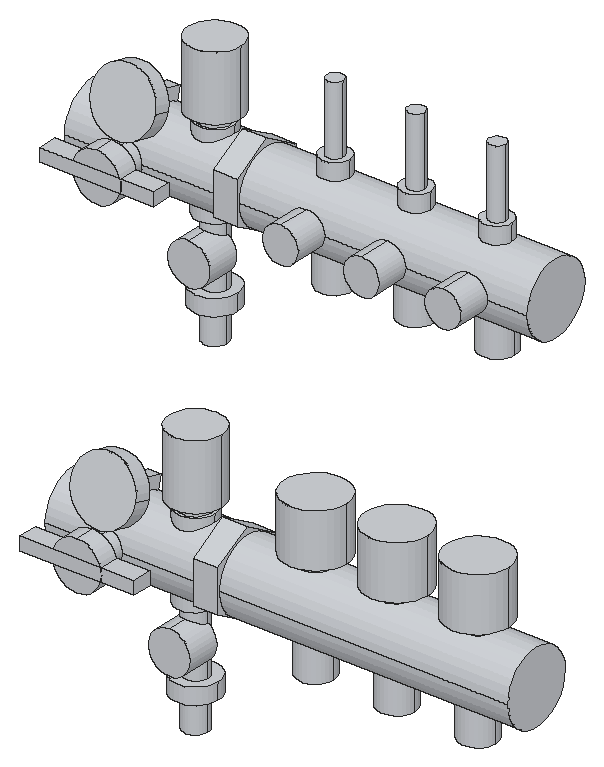
Revit family "318_f16c880827e94962872f661bd91b37", category Pipe Accessories, Revit 2017
Family settings
  Round Connector Dimension = Use Diameter
  Part Type = Valve - Normal
  Work Plane-Based = No
  Always vertical = Yes
  Cut with Voids When Loaded = No
  Shared = No
Parameters (values of type "R553FK103")
  magi_piping_qv_2_3 [instance] = 0.0 L/s
  magi_piping_qv_2_2 [instance] = 0.0 L/s
  magi_piping_qv_2_1 [instance] = 0.0 L/s
  magi_piping_qv_1_3 [instance] = 0.0 L/s
  magi_piping_qv_1_2 [instance] = 0.0 L/s
  magi_piping_qv_1_1 [instance] = 0.0 L/s
  magi_piping_qv [instance] = 0.0 L/s
  magi_piping_power_3 [instance] = 0 W
  magi_piping_power_2 [instance] = 0 W
  magi_piping_power_1 [instance] = 0 W
  magi_piping_kv_3 [instance] = 0
  magi_piping_kv_2 [instance] = 0
  magi_piping_kv_1 [instance] = 0
  magi_piping_dpTot_3 [instance] = 0.0 Pa
  magi_piping_dpTot_2 [instance] = 0.0 Pa
  magi_piping_dpTot_1 [instance] = 0.0 Pa
  magi_adjustmentValue_3 [instance] = ""
  magi_adjustmentValue_2 [instance] = ""
  magi_adjustmentValue_1 [instance] = ""
  magiProductId = "f16c880827e94962872f661bd91b37"
  magiProductFamilyId = "f16c880827e94962872f661bd91b37"
  magiProductCode = "R553FK103"
  magiPartTypeId = 318
  Y = 15 mm
  VersionID = "2.0/2016.10.37.0/GIACOMINI_R553FK_001"
  URL = "http://www.giacomini.com/en"
  SMP = 25 mm
  SBP9 = 18 mm
  SBP8 = 18 mm
  SBP7 = 18 mm
  SBP6 = 18 mm
  SBP5 = 18 mm
  SBP4 = 18 mm
  SBP3 = 18 mm
  SBP2 = 18 mm
  SBP12 = 18 mm
  SBP11 = 18 mm
  SBP10 = 18 mm
  SBP1 = 18 mm
  RMP = 25 mm
  RBP9 = 18 mm
  RBP8 = 18 mm
  RBP7 = 18 mm
  RBP6 = 18 mm
  RBP5 = 18 mm
  RBP4 = 18 mm
  RBP3 = 18 mm
  RBP2 = 18 mm
  RBP12 = 18 mm
  RBP11 = 18 mm
  RBP10 = 18 mm
  RBP1 = 18 mm
  R2 = 22 mm
  QmdConnectorList = "321;SMP;322;SBP1;323;SBP2;324;SBP3;351;RMP;352;RBP1;353;RBP2;354;RBP3"
  Productdata [instance] = "© Progman Oy, all rights reserved"
  N9 = no
  N8 = no
  N7 = no
  N6 = no
  N5 = no
  N4 = no
  N3 = yes
  N12 = no
  N11 = no
  N10 = no
  Manufacturer = "Giacomini"
  MC_Default_elevation = 0 mm
  L = 285 mm
  I = 50 mm
  H5 = 33 mm
  H4 = 5 mm
  H3__ve = -H3  # -40 mm
  H3 = 40 mm
  H2__ve = -H2  # -20 mm
  H2 = 20 mm
  H12 = 42 mm
  H11 = 10 mm
  Flow supply main [instance] = Flow supply 1 + Flow supply 2 + Flow supply 3  # 0.0 L/s
  Flow supply 3 [instance] = 0.0 L/s
  Flow supply 2 [instance] = 0.0 L/s
  Flow supply 1 [instance] = 0.0 L/s
  Flow return main [instance] = Flow return 1 + Flow return 2 + Flow return 3  # 0.0 L/s
  Flow return 3 [instance] = 0.0 L/s
  Flow return 2 [instance] = 0.0 L/s
  Flow return 1 [instance] = 0.0 L/s
  E = 208 mm
  Description = "PREASSEMBLED MANIFOLD KIT WITH FLOW METERS"
  D5 = 38 mm
  D4 = 22 mm
  D32 = 10 mm
  D31 = 18 mm
  D2 = 44 mm
  CAT0 = yes
  A = 149 mm
Reference planes
  plane 1 "Center (Front/Back)": y = 0
  plane 2 "XYPLANE": z = 0
  plane 3 "Center (Left/Right)": x = 0
  plane 4 "INIT_TEMP": y = 100
  plane 5 "414": y = -48
  plane 6 "413": z = -178
  plane 7 "412": y = -30
  plane 8 "411": z = -178
  plane 9 "410": z = -274
  plane 10 "409": z = -254
  plane 11 "408": z = -234
  plane 12 "407": z = -177
  plane 13 "406": z = -182
  plane 14 "405": y = -15
  plane 15 "404": z = 30
  plane 16 "403": y = -33
  plane 17 "402": x = 38
  plane 18 "401": z = 30
  plane 19 "400": z = -66
  plane 20 "399": z = -46
  plane 21 "398": z = -26
  plane 22 "397": z = 31
  plane 23 "396": x = 92
  plane 24 "395": z = 26
  plane 25 "394": x = 75
  plane 26 "393": z = -248
  plane 27 "392": z = -181
  plane 28 "391": z = -186
  plane 29 "390": z = -40
  plane 30 "389": x = 0
  plane 31 "388": y = 0
  plane 32 "387": y = -15
  plane 33 "386": z = -208
  plane 34 "385": z = 0
  plane 35 "384": z = 22
  plane 36 "383": x = 149
  plane 37 "382": x = 199
  plane 38 "381": y = -22
  plane 39 "380": x = 249
  plane 40 "379": z = 32
  plane 41 "378": x = 299
  plane 42 "377": x = 349
  plane 43 "376": x = 399
  plane 44 "375": x = 449
  plane 45 "374": x = 499
  plane 46 "373": x = 549
  plane 47 "372": x = 599
  plane 48 "371": x = 649
  plane 49 "370": x = 699
  plane 50 "1126": through (-712, -15, -178) normal (0, -0.2588, -0.9659)
  plane 51 "1127": through (-712, -30, -178) normal (0, 0.9659, -0.2588)
  plane 52 "1128": through (-712, -15, 30) normal (0, -0.9659, 0.2588)
  plane 53 "1129": through (-712, 0, 30) normal (0, 0.2588, 0.9659)
Forms (mm)
  Extrusion 1, solid
    sketch origin (750, -48, 0) x (-1, 0, 0) y (0, 0, 1)
      loop
        circle (712, -208) r 15
    from 0 to -12
  Extrusion 2, solid
    sketch origin (-712, -15, -178) x (1, 0, 0) y (0, -0.965926, 0.258819)
      loop
        line (746, -15) -> (754, -15) -> (754, 15) -> (746, 15) -> (746, -15)
    from 0 to 18
  Extrusion 3, solid
    sketch origin (750, -15, 0) x (-1, 0, 0) y (0, 0, 1)
      loop
        circle (712, -208) r 9
    from 0 to -33
  Extrusion 4, solid
    sketch origin (750, -48, 0) x (-1, 0, 0) y (0, 0, 1)
      loop
        line (677, -204) -> (677, -212) -> (747, -212) -> (747, -204) -> (677, -204)
    from 0 to -12
  Extrusion 5, solid
    sketch origin (-712, -30, -178) x (1, 0, 0) y (0, -0.258819, -0.965926)
      loop
        circle (750, 0) r 20
    from 0 to -10
  Extrusion 6, solid
    sketch origin (-750, 0, -182) x (1, 0, 0) y (0, 1, 0)
      loop
        circle (825, -15) r 12
    from 0 to -52
  Extrusion 7, solid
    sketch origin (92, -750, 0) x (0, 1, 0) y (0, 0, 1)
      loop
        line (735, -182) -> (712.483, -195) -> (712.483, -221) -> (735, -234) -> (757.517, -221) -> (757.517, -195) -> (735, -182)
    from 0 to 15
  Extrusion 8, solid
    sketch origin (-750, 0, -182) x (1, 0, 0) y (0, 1, 0)
      loop
        circle (825, -15) r 10
    from 0 to 5
  Extrusion 9, solid
    sketch origin (-750, 0, -177) x (1, 0, 0) y (0, 1, 0)
      loop
        circle (825, -15) r 16
    from 0 to 40
  Extrusion 10, solid
    sketch origin (-750, 0, -234) x (1, 0, 0) y (0, 1, 0)
      loop
        circle (825, -15) r 7.5
    from 0 to -70
  Extrusion 11, solid
    sketch origin (750, -15, 0) x (-1, 0, 0) y (0, 0, 1)
      loop
        circle (675, -254) r 13
    from 0 to -20
  Extrusion 12, solid
    sketch origin (-750, 0, -274) x (1, 0, 0) y (0, 1, 0)
      loop
        circle (825, -15) r 14
    from 0 to -10
  Extrusion 13, solid
    sketch origin (-712, -15, 30) x (1, 0, 0) y (0, 0.258819, 0.965926)
      loop
        circle (750, 0) r 20
    from 0 to 10
  Extrusion 14, solid
    sketch origin (750, -33, 0) x (-1, 0, 0) y (0, 0, 1)
      loop
        line (677, 4) -> (677, -4) -> (747, -4) -> (747, 4) -> (677, 4)
    from 0 to -12
  Extrusion 15, solid
    sketch origin (750, 0, 0) x (-1, 0, 0) y (0, 0, 1)
      loop
        circle (712, 0) r 9
    from 0 to -33
  Extrusion 16, solid
    sketch origin (-712, 0, 30) x (1, 0, 0) y (0, 0.965926, -0.258819)
      loop
        line (746, 15) -> (746, -15) -> (754, -15) -> (754, 15) -> (746, 15)
    from 0 to -18
  Extrusion 17, solid
    sketch origin (750, -33, 0) x (-1, 0, 0) y (0, 0, 1)
      loop
        circle (712, 0) r 15
    from 0 to -12
  Extrusion 18, solid
    sketch origin (-750, 0, -66) x (1, 0, 0) y (0, 1, 0)
      loop
        circle (825, 0) r 14
    from 0 to -10
  Extrusion 19, solid
    sketch origin (750, 0, 0) x (-1, 0, 0) y (0, 0, 1)
      loop
        circle (675, -46) r 13
    from 0 to -20
  Extrusion 20, solid
    sketch origin (-750, 0, -26) x (1, 0, 0) y (0, 1, 0)
      loop
        circle (825, 0) r 7.5
    from 0 to -70
  Extrusion 21, solid
    sketch origin (-750, 0, 31) x (1, 0, 0) y (0, 1, 0)
      loop
        circle (825, 0) r 16
    from 0 to 40
  Extrusion 22, solid
    sketch origin (-750, 0, 26) x (1, 0, 0) y (0, 1, 0)
      loop
        circle (825, 0) r 10
    from 0 to 5
  Extrusion 23, solid
    sketch origin (92, -750, 0) x (0, 1, 0) y (0, 0, 1)
      loop
        line (750, 26) -> (727.483, 13) -> (727.483, -13) -> (750, -26) -> (772.517, -13) -> (772.517, 13) -> (750, 26)
    from 0 to 15
  Extrusion 24, solid
    sketch origin (-750, 0, 26) x (1, 0, 0) y (0, 1, 0)
      loop
        circle (825, 0) r 12
    from 0 to -52
  Extrusion 25, solid, visible <- "N10"
    sketch origin (-750, 0, -208) x (1, 0, 0) y (0, 1, 0)
      loop
        circle (1349, -15) r 11
    from 0 to -40 <- "H3__ve"
  Extrusion 26, solid, visible <- "N10"
    sketch origin (-750, 0, -186) x (1, 0, 0) y (0, 1, 0)
      loop
        circle (1349, -15) r 11
    from 0 to 5 <- "H4"
  Extrusion 27, solid, visible <- "N10"
    sketch origin (-750, 0, -181) x (1, 0, 0) y (0, 1, 0)
      loop
        circle (1349, -15) r 19
    from 0 to 33 <- "H5"
  Extrusion 28, solid, visible <- "N12"
    sketch origin (-750, 0, -181) x (1, 0, 0) y (0, 1, 0)
      loop
        circle (1449, -15) r 19
    from 0 to 33 <- "H5"
  Extrusion 29, solid, visible <- "N12"
    sketch origin (-750, 0, -186) x (1, 0, 0) y (0, 1, 0)
      loop
        circle (1449, -15) r 11
    from 0 to 5 <- "H4"
  Extrusion 30, solid, visible <- "N12"
    sketch origin (-750, 0, -208) x (1, 0, 0) y (0, 1, 0)
      loop
        circle (1449, -15) r 11
    from 0 to -40 <- "H3__ve"
  Extrusion 31, solid, visible <- "N11"
    sketch origin (-750, 0, -208) x (1, 0, 0) y (0, 1, 0)
      loop
        circle (1399, -15) r 11
    from 0 to -40 <- "H3__ve"
  Extrusion 32, solid, visible <- "N11"
    sketch origin (-750, 0, -186) x (1, 0, 0) y (0, 1, 0)
      loop
        circle (1399, -15) r 11
    from 0 to 5 <- "H4"
  Extrusion 33, solid, visible <- "N11"
    sketch origin (-750, 0, -181) x (1, 0, 0) y (0, 1, 0)
      loop
        circle (1399, -15) r 19
    from 0 to 33 <- "H5"
  Extrusion 34, solid, visible <- "N8"
    sketch origin (-750, 0, -181) x (1, 0, 0) y (0, 1, 0)
      loop
        circle (1249, -15) r 19
    from 0 to 33 <- "H5"
  Extrusion 35, solid, visible <- "N8"
    sketch origin (-750, 0, -186) x (1, 0, 0) y (0, 1, 0)
      loop
        circle (1249, -15) r 11
    from 0 to 5 <- "H4"
  Extrusion 36, solid, visible <- "N8"
    sketch origin (-750, 0, -208) x (1, 0, 0) y (0, 1, 0)
      loop
        circle (1249, -15) r 11
    from 0 to -40 <- "H3__ve"
  Extrusion 37, solid, visible <- "N9"
    sketch origin (-750, 0, -208) x (1, 0, 0) y (0, 1, 0)
      loop
        circle (1299, -15) r 11
    from 0 to -40 <- "H3__ve"
  Extrusion 38, solid, visible <- "N9"
    sketch origin (-750, 0, -186) x (1, 0, 0) y (0, 1, 0)
      loop
        circle (1299, -15) r 11
    from 0 to 5 <- "H4"
  Extrusion 39, solid, visible <- "N9"
    sketch origin (-750, 0, -181) x (1, 0, 0) y (0, 1, 0)
      loop
        circle (1299, -15) r 19
    from 0 to 33 <- "H5"
  Extrusion 40, solid, visible <- "N7"
    sketch origin (-750, 0, -181) x (1, 0, 0) y (0, 1, 0)
      loop
        circle (1199, -15) r 19
    from 0 to 33 <- "H5"
  Extrusion 41, solid, visible <- "N7"
    sketch origin (-750, 0, -186) x (1, 0, 0) y (0, 1, 0)
      loop
        circle (1199, -15) r 11
    from 0 to 5 <- "H4"
  Extrusion 42, solid, visible <- "N7"
    sketch origin (-750, 0, -208) x (1, 0, 0) y (0, 1, 0)
      loop
        circle (1199, -15) r 11
    from 0 to -40 <- "H3__ve"
  Extrusion 43, solid, visible <- "N6"
    sketch origin (-750, 0, -208) x (1, 0, 0) y (0, 1, 0)
      loop
        circle (1149, -15) r 11
    from 0 to -40 <- "H3__ve"
  Extrusion 44, solid, visible <- "N6"
    sketch origin (-750, 0, -186) x (1, 0, 0) y (0, 1, 0)
      loop
        circle (1149, -15) r 11
    from 0 to 5 <- "H4"
  Extrusion 45, solid, visible <- "N6"
    sketch origin (-750, 0, -181) x (1, 0, 0) y (0, 1, 0)
      loop
        circle (1149, -15) r 19
    from 0 to 33 <- "H5"
  Extrusion 46, solid, visible <- "N5"
    sketch origin (-750, 0, -181) x (1, 0, 0) y (0, 1, 0)
      loop
        circle (1099, -15) r 19
    from 0 to 33 <- "H5"
  Extrusion 47, solid, visible <- "N5"
    sketch origin (-750, 0, -186) x (1, 0, 0) y (0, 1, 0)
      loop
        circle (1099, -15) r 11
    from 0 to 5 <- "H4"
  Extrusion 48, solid, visible <- "N5"
    sketch origin (-750, 0, -208) x (1, 0, 0) y (0, 1, 0)
      loop
        circle (1099, -15) r 11
    from 0 to -40 <- "H3__ve"
  Extrusion 49, solid, visible <- "N4"
    sketch origin (-750, 0, -208) x (1, 0, 0) y (0, 1, 0)
      loop
        circle (1049, -15) r 11
    from 0 to -40 <- "H3__ve"
  Extrusion 50, solid, visible <- "N4"
    sketch origin (-750, 0, -186) x (1, 0, 0) y (0, 1, 0)
      loop
        circle (1049, -15) r 11
    from 0 to 5 <- "H4"
  Extrusion 51, solid, visible <- "N4"
    sketch origin (-750, 0, -181) x (1, 0, 0) y (0, 1, 0)
      loop
        circle (1049, -15) r 19
    from 0 to 33 <- "H5"
  Extrusion 52, solid, visible <- "N3"
    sketch origin (-750, 0, -181) x (1, 0, 0) y (0, 1, 0)
      loop
        circle (999, -15) r 19
    from 0 to 33 <- "H5"
  Extrusion 53, solid, visible <- "N3"
    sketch origin (-750, 0, -186) x (1, 0, 0) y (0, 1, 0)
      loop
        circle (999, -15) r 11
    from 0 to 5 <- "H4"
  Extrusion 54, solid
    sketch origin (-750, 0, -186) x (1, 0, 0) y (0, 1, 0)
      loop
        circle (949, -15) r 11
    from 0 to 5 <- "H4"
  Extrusion 55, solid
    sketch origin (-750, 0, -181) x (1, 0, 0) y (0, 1, 0)
      loop
        circle (949, -15) r 19
    from 0 to 33 <- "H5"
  Extrusion 56, solid
    sketch origin (-750, 0, -181) x (1, 0, 0) y (0, 1, 0)
      loop
        circle (899, -15) r 19
    from 0 to 33 <- "H5"
  Extrusion 57, solid
    sketch origin (-750, 0, -186) x (1, 0, 0) y (0, 1, 0)
      loop
        circle (899, -15) r 11
    from 0 to 5 <- "H4"
  Extrusion 58, solid, visible <- "N3"
    sketch origin (-750, 0, -208) x (1, 0, 0) y (0, 1, 0)
      loop
        circle (999, -15) r 11
    from 0 to -40 <- "H3__ve"
  Extrusion 59, solid
    sketch origin (-750, 0, -208) x (1, 0, 0) y (0, 1, 0)
      loop
        circle (899, -15) r 11
    from 0 to -40 <- "H3__ve"
  Extrusion 60, solid
    sketch origin (-750, 0, -208) x (1, 0, 0) y (0, 1, 0)
      loop
        circle (949, -15) r 11
    from 0 to -40 <- "H3__ve"
  Extrusion 61, solid, visible <- "CAT0"
    sketch origin (0, -750, 0) x (0, 1, 0) y (0, 0, 1)
      loop
        circle (735, -208) r 22
    from 0 to 285 <- "L"
  Extrusion 62, solid, visible <- "N8"
    sketch origin (-750, 0, 0) x (1, 0, 0) y (0, 1, 0)
      loop
        circle (1249, 0) r 11
    from 0 to -40 <- "H3__ve"
  Extrusion 63, solid, visible <- "N9"
    sketch origin (-750, 0, 0) x (1, 0, 0) y (0, 1, 0)
      loop
        circle (1299, 0) r 11
    from 0 to -40 <- "H3__ve"
  Extrusion 64, solid, visible <- "N10"
    sketch origin (-750, 0, 0) x (1, 0, 0) y (0, 1, 0)
      loop
        circle (1349, 0) r 11
    from 0 to -40 <- "H3__ve"
  Extrusion 65, solid, visible <- "N11"
    sketch origin (-750, 0, 0) x (1, 0, 0) y (0, 1, 0)
      loop
        circle (1399, 0) r 11
    from 0 to -40 <- "H3__ve"
  Extrusion 66, solid, visible <- "N12"
    sketch origin (-750, 0, 0) x (1, 0, 0) y (0, 1, 0)
      loop
        circle (1449, 0) r 11
    from 0 to -40 <- "H3__ve"
  Extrusion 67, solid, visible <- "N7"
    sketch origin (-750, 0, 0) x (1, 0, 0) y (0, 1, 0)
      loop
        circle (1199, 0) r 11
    from 0 to -40 <- "H3__ve"
  Extrusion 68, solid, visible <- "N6"
    sketch origin (-750, 0, 0) x (1, 0, 0) y (0, 1, 0)
      loop
        circle (1149, 0) r 11
    from 0 to -40 <- "H3__ve"
  Extrusion 69, solid, visible <- "N5"
    sketch origin (-750, 0, 0) x (1, 0, 0) y (0, 1, 0)
      loop
        circle (1099, 0) r 11
    from 0 to -40 <- "H3__ve"
  Extrusion 70, solid, visible <- "N4"
    sketch origin (-750, 0, 0) x (1, 0, 0) y (0, 1, 0)
      loop
        circle (1049, 0) r 11
    from 0 to -40 <- "H3__ve"
  Extrusion 71, solid, visible <- "N3"
    sketch origin (-750, 0, 0) x (1, 0, 0) y (0, 1, 0)
      loop
        circle (999, 0) r 11
    from 0 to -40 <- "H3__ve"
  Extrusion 72, solid
    sketch origin (-750, 0, 0) x (1, 0, 0) y (0, 1, 0)
      loop
        circle (949, 0) r 11
    from 0 to -40 <- "H3__ve"
  Extrusion 73, solid
    sketch origin (-750, 0, 0) x (1, 0, 0) y (0, 1, 0)
      loop
        circle (899, 0) r 11
    from 0 to -40 <- "H3__ve"
  Extrusion 74, solid, visible <- "CAT0"
    sketch origin (0, -750, 0) x (0, 1, 0) y (0, 0, 1)
      loop
        circle (750, 0) r 22
    from 0 to 285 <- "L"
  Extrusion 75, solid
    sketch origin (-750, 0, 22) x (1, 0, 0) y (0, 1, 0)
      loop
        circle (899, 0) r 9
    from 0 to 10 <- "H11"
  Extrusion 76, solid
    sketch origin (750, -22, 0) x (-1, 0, 0) y (0, 0, 1)
      loop
        circle (601, 0) r 11
    from 0 to -20 <- "H2__ve"
  Extrusion 77, solid
    sketch origin (750, -22, 0) x (-1, 0, 0) y (0, 0, 1)
      loop
        circle (551, 0) r 11
    from 0 to -20 <- "H2__ve"
  Extrusion 78, solid, visible <- "N3"
    sketch origin (750, -22, 0) x (-1, 0, 0) y (0, 0, 1)
      loop
        circle (501, 0) r 11
    from 0 to -20 <- "H2__ve"
  Extrusion 79, solid
    sketch origin (-750, 0, 32) x (1, 0, 0) y (0, 1, 0)
      loop
        circle (899, 0) r 5
    from 0 to 42 <- "H12"
  Extrusion 80, solid
    sketch origin (-750, 0, 32) x (1, 0, 0) y (0, 1, 0)
      loop
        circle (949, 0) r 5
    from 0 to 42 <- "H12"
  Extrusion 81, solid
    sketch origin (-750, 0, 22) x (1, 0, 0) y (0, 1, 0)
      loop
        circle (949, 0) r 9
    from 0 to 10 <- "H11"
  Extrusion 82, solid, visible <- "N3"
    sketch origin (-750, 0, 22) x (1, 0, 0) y (0, 1, 0)
      loop
        circle (999, 0) r 9
    from 0 to 10 <- "H11"
  Extrusion 83, solid, visible <- "N3"
    sketch origin (-750, 0, 32) x (1, 0, 0) y (0, 1, 0)
      loop
        circle (999, 0) r 5
    from 0 to 42 <- "H12"
  Extrusion 84, solid, visible <- "N4"
    sketch origin (-750, 0, 32) x (1, 0, 0) y (0, 1, 0)
      loop
        circle (1049, 0) r 5
    from 0 to 42 <- "H12"
  Extrusion 85, solid, visible <- "N4"
    sketch origin (-750, 0, 22) x (1, 0, 0) y (0, 1, 0)
      loop
        circle (1049, 0) r 9
    from 0 to 10 <- "H11"
  Extrusion 86, solid, visible <- "N4"
    sketch origin (750, -22, 0) x (-1, 0, 0) y (0, 0, 1)
      loop
        circle (451, 0) r 11
    from 0 to -20 <- "H2__ve"
  Extrusion 87, solid, visible <- "N5"
    sketch origin (750, -22, 0) x (-1, 0, 0) y (0, 0, 1)
      loop
        circle (401, 0) r 11
    from 0 to -20 <- "H2__ve"
  Extrusion 88, solid, visible <- "N5"
    sketch origin (-750, 0, 22) x (1, 0, 0) y (0, 1, 0)
      loop
        circle (1099, 0) r 9
    from 0 to 10 <- "H11"
  Extrusion 89, solid, visible <- "N5"
    sketch origin (-750, 0, 32) x (1, 0, 0) y (0, 1, 0)
      loop
        circle (1099, 0) r 5
    from 0 to 42 <- "H12"
  Extrusion 90, solid, visible <- "N6"
    sketch origin (-750, 0, 32) x (1, 0, 0) y (0, 1, 0)
      loop
        circle (1149, 0) r 5
    from 0 to 42 <- "H12"
  Extrusion 91, solid, visible <- "N6"
    sketch origin (-750, 0, 22) x (1, 0, 0) y (0, 1, 0)
      loop
        circle (1149, 0) r 9
    from 0 to 10 <- "H11"
  Extrusion 92, solid, visible <- "N6"
    sketch origin (750, -22, 0) x (-1, 0, 0) y (0, 0, 1)
      loop
        circle (351, 0) r 11
    from 0 to -20 <- "H2__ve"
  Extrusion 93, solid, visible <- "N7"
    sketch origin (750, -22, 0) x (-1, 0, 0) y (0, 0, 1)
      loop
        circle (301, 0) r 11
    from 0 to -20 <- "H2__ve"
  Extrusion 94, solid, visible <- "N7"
    sketch origin (-750, 0, 22) x (1, 0, 0) y (0, 1, 0)
      loop
        circle (1199, 0) r 9
    from 0 to 10 <- "H11"
  Extrusion 95, solid, visible <- "N7"
    sketch origin (-750, 0, 32) x (1, 0, 0) y (0, 1, 0)
      loop
        circle (1199, 0) r 5
    from 0 to 42 <- "H12"
  Extrusion 96, solid, visible <- "N8"
    sketch origin (-750, 0, 32) x (1, 0, 0) y (0, 1, 0)
      loop
        circle (1249, 0) r 5
    from 0 to 42 <- "H12"
  Extrusion 97, solid, visible <- "N8"
    sketch origin (-750, 0, 22) x (1, 0, 0) y (0, 1, 0)
      loop
        circle (1249, 0) r 9
    from 0 to 10 <- "H11"
  Extrusion 98, solid, visible <- "N8"
    sketch origin (750, -22, 0) x (-1, 0, 0) y (0, 0, 1)
      loop
        circle (251, 0) r 11
    from 0 to -20 <- "H2__ve"
  Extrusion 99, solid, visible <- "N10"
    sketch origin (750, -22, 0) x (-1, 0, 0) y (0, 0, 1)
      loop
        circle (151, 0) r 11
    from 0 to -20 <- "H2__ve"
  Extrusion 100, solid, visible <- "N10"
    sketch origin (-750, 0, 22) x (1, 0, 0) y (0, 1, 0)
      loop
        circle (1349, 0) r 9
    from 0 to 10 <- "H11"
  Extrusion 101, solid, visible <- "N10"
    sketch origin (-750, 0, 32) x (1, 0, 0) y (0, 1, 0)
      loop
        circle (1349, 0) r 5
    from 0 to 42 <- "H12"
  Extrusion 102, solid, visible <- "N9"
    sketch origin (-750, 0, 32) x (1, 0, 0) y (0, 1, 0)
      loop
        circle (1299, 0) r 5
    from 0 to 42 <- "H12"
  Extrusion 103, solid, visible <- "N9"
    sketch origin (-750, 0, 22) x (1, 0, 0) y (0, 1, 0)
      loop
        circle (1299, 0) r 9
    from 0 to 10 <- "H11"
  Extrusion 104, solid, visible <- "N9"
    sketch origin (750, -22, 0) x (-1, 0, 0) y (0, 0, 1)
      loop
        circle (201, 0) r 11
    from 0 to -20 <- "H2__ve"
  Extrusion 105, solid, visible <- "N11"
    sketch origin (-750, 0, 32) x (1, 0, 0) y (0, 1, 0)
      loop
        circle (1399, 0) r 5
    from 0 to 42 <- "H12"
  Extrusion 106, solid, visible <- "N11"
    sketch origin (-750, 0, 22) x (1, 0, 0) y (0, 1, 0)
      loop
        circle (1399, 0) r 9
    from 0 to 10 <- "H11"
  Extrusion 107, solid, visible <- "N11"
    sketch origin (750, -22, 0) x (-1, 0, 0) y (0, 0, 1)
      loop
        circle (101, 0) r 11
    from 0 to -20 <- "H2__ve"
  Extrusion 108, solid, visible <- "N12"
    sketch origin (750, -22, 0) x (-1, 0, 0) y (0, 0, 1)
      loop
        circle (51, 0) r 11
    from 0 to -20 <- "H2__ve"
  Extrusion 109, solid, visible <- "N12"
    sketch origin (-750, 0, 22) x (1, 0, 0) y (0, 1, 0)
      loop
        circle (1449, 0) r 9
    from 0 to 10 <- "H11"
  Extrusion 110, solid, visible <- "N12"
    sketch origin (-750, 0, 32) x (1, 0, 0) y (0, 1, 0)
      loop
        circle (1449, 0) r 5
    from 0 to 42 <- "H12"
  Extrusion 111, solid, not visible
    sketch origin (-750, 0, -248) x (1, 0, 0) y (0, 1, 0)
      loop
        circle (949, -15) r 10
    from 0 to 10
  Extrusion 112, solid, not visible
    sketch origin (-750, 0, -248) x (1, 0, 0) y (0, 1, 0)
      loop
        circle (899, -15) r 10
    from 0 to 10
  Extrusion 113, solid, not visible
    sketch origin (-750, 0, -248) x (1, 0, 0) y (0, 1, 0)
      loop
        circle (999, -15) r 10
    from 0 to 10
  Extrusion 114, solid, not visible
    sketch origin (-750, 0, -40) x (1, 0, 0) y (0, 1, 0)
      loop
        circle (999, 0) r 10
    from 0 to 10
  Extrusion 115, solid, not visible
    sketch origin (0, -750, 0) x (0, 1, 0) y (0, 0, 1)
      loop
        circle (750, 0) r 10
    from 0 to 10
  Extrusion 116, solid, not visible
    sketch origin (0, -750, 0) x (0, 1, 0) y (0, 0, 1)
      loop
        circle (735, -208) r 10
    from 0 to 10
  Extrusion 117, solid, not visible
    sketch origin (-750, 0, -40) x (1, 0, 0) y (0, 1, 0)
      loop
        circle (899, 0) r 10
    from 0 to 10
  Extrusion 118, solid, not visible
    sketch origin (-750, 0, -40) x (1, 0, 0) y (0, 1, 0)
      loop
        circle (949, 0) r 10
    from 0 to 10
Text (mm)
  text "© Progman Oy, all rights reserved" at (-472.209, -2482.653, 0), in view "Ref. Level"
Dimensions and locks
  plane 4 "INIT_TEMP" to plane 1 "Center (Front/Back)" = 100 mm
  locked: plane 32 "387" to plane 5 "414" at 33
  locked: plane 33 "386" to plane 6 "413" at 30
  locked: plane 32 "387" to plane 7 "412" at 15
  locked: plane 33 "386" to plane 8 "411" at 30
  locked: plane 11 "408" to plane 9 "410" at 40
  locked: plane 11 "408" to plane 10 "409" at 20
  locked: plane 13 "406" to plane 11 "408" at 52
  locked: plane 13 "406" to plane 12 "407" at 5
  locked: plane 33 "386" to plane 13 "406" at 26
  locked: plane 1 "Center (Front/Back)" to plane 14 "405" at 15
  locked: plane 2 "XYPLANE" to plane 15 "404" at 30
  locked: plane 1 "Center (Front/Back)" to plane 16 "403" at 33
  locked: plane 3 "Center (Left/Right)" to plane 17 "402" at 38
  locked: plane 2 "XYPLANE" to plane 18 "401" at 30
  locked: plane 21 "398" to plane 19 "400" at 40
  locked: plane 21 "398" to plane 20 "399" at 20
  locked: plane 24 "395" to plane 21 "398" at 52
  locked: plane 24 "395" to plane 22 "397" at 5
  locked: plane 25 "394" to plane 23 "396" at 17
  locked: plane 2 "XYPLANE" to plane 24 "395" at 26
  locked: plane 3 "Center (Left/Right)" to plane 25 "394" at 75
  "H3": plane 33 "386" to plane 26 "393"
  "H4": plane 28 "391" to plane 27 "392"
  "R2": plane 33 "386" to plane 28 "391"
  "H3": plane 2 "XYPLANE" to plane 29 "390"
  locked: plane 3 "Center (Left/Right)" to plane 30 "389"
  locked: plane 1 "Center (Front/Back)" to plane 31 "388"
  "Y": plane 1 "Center (Front/Back)" to plane 32 "387"
  "E": plane 2 "XYPLANE" to plane 33 "386"
  locked: plane 2 "XYPLANE" to plane 34 "385"
  "R2": plane 2 "XYPLANE" to plane 35 "384"
  "A": plane 3 "Center (Left/Right)" to plane 36 "383"
  "I": plane 36 "383" to plane 37 "382"
  "R2": plane 1 "Center (Front/Back)" to plane 38 "381"
  "I": plane 37 "382" to plane 39 "380"
  "H11": plane 35 "384" to plane 40 "379"
  "I": plane 39 "380" to plane 41 "378"
  "I": plane 41 "378" to plane 42 "377"
  "I": plane 42 "377" to plane 43 "376"
  "I": plane 43 "376" to plane 44 "375"
  "I": plane 44 "375" to plane 45 "374"
  "I": plane 45 "374" to plane 46 "373"
  "I": plane 46 "373" to plane 47 "372"
  "I": plane 47 "372" to plane 48 "371"
  "I": plane 48 "371" to plane 49 "370"
  "D4": diameter of Extrusion 25 sketch curve
  "D4": diameter of Extrusion 26 sketch curve
  "D5": diameter of Extrusion 27 sketch curve
  "D5": diameter of Extrusion 28 sketch curve
  "D4": diameter of Extrusion 29 sketch curve
  "D4": diameter of Extrusion 30 sketch curve
  "D4": diameter of Extrusion 31 sketch curve
  "D4": diameter of Extrusion 32 sketch curve
  "D5": diameter of Extrusion 33 sketch curve
  "D5": diameter of Extrusion 34 sketch curve
  "D4": diameter of Extrusion 35 sketch curve
  "D4": diameter of Extrusion 36 sketch curve
  "D4": diameter of Extrusion 37 sketch curve
  "D4": diameter of Extrusion 38 sketch curve
  "D5": diameter of Extrusion 39 sketch curve
  "D5": diameter of Extrusion 40 sketch curve
  "D4": diameter of Extrusion 41 sketch curve
  "D4": diameter of Extrusion 42 sketch curve
  "D4": diameter of Extrusion 43 sketch curve
  "D4": diameter of Extrusion 44 sketch curve
  "D5": diameter of Extrusion 45 sketch curve
  "D5": diameter of Extrusion 46 sketch curve
  "D4": diameter of Extrusion 47 sketch curve
  "D4": diameter of Extrusion 48 sketch curve
  "D4": diameter of Extrusion 49 sketch curve
  "D4": diameter of Extrusion 50 sketch curve
  "D5": diameter of Extrusion 51 sketch curve
  "D5": diameter of Extrusion 52 sketch curve
  "D4": diameter of Extrusion 53 sketch curve
  "D4": diameter of Extrusion 54 sketch curve
  "D5": diameter of Extrusion 55 sketch curve
  "D5": diameter of Extrusion 56 sketch curve
  "D4": diameter of Extrusion 57 sketch curve
  "D4": diameter of Extrusion 58 sketch curve
  "D4": diameter of Extrusion 59 sketch curve
  "D4": diameter of Extrusion 60 sketch curve
  "D2": diameter of Extrusion 61 sketch curve
  "D4": diameter of Extrusion 62 sketch curve
  "D4": diameter of Extrusion 63 sketch curve
  "D4": diameter of Extrusion 64 sketch curve
  "D4": diameter of Extrusion 65 sketch curve
  "D4": diameter of Extrusion 66 sketch curve
  "D4": diameter of Extrusion 67 sketch curve
  "D4": diameter of Extrusion 68 sketch curve
  "D4": diameter of Extrusion 69 sketch curve
  "D4": diameter of Extrusion 70 sketch curve
  "D4": diameter of Extrusion 71 sketch curve
  "D4": diameter of Extrusion 72 sketch curve
  "D4": diameter of Extrusion 73 sketch curve
  "D2": diameter of Extrusion 74 sketch curve
  "D31": diameter of Extrusion 75 sketch curve
  "D4": diameter of Extrusion 76 sketch curve
  "D4": diameter of Extrusion 77 sketch curve
  "D4": diameter of Extrusion 78 sketch curve
  "D32": diameter of Extrusion 79 sketch curve
  "D32": diameter of Extrusion 80 sketch curve
  "D31": diameter of Extrusion 81 sketch curve
  "D31": diameter of Extrusion 82 sketch curve
  "D32": diameter of Extrusion 83 sketch curve
  "D32": diameter of Extrusion 84 sketch curve
  "D31": diameter of Extrusion 85 sketch curve
  "D4": diameter of Extrusion 86 sketch curve
  "D4": diameter of Extrusion 87 sketch curve
  "D31": diameter of Extrusion 88 sketch curve
  "D32": diameter of Extrusion 89 sketch curve
  "D32": diameter of Extrusion 90 sketch curve
  "D31": diameter of Extrusion 91 sketch curve
  "D4": diameter of Extrusion 92 sketch curve
  "D4": diameter of Extrusion 93 sketch curve
  "D31": diameter of Extrusion 94 sketch curve
  "D32": diameter of Extrusion 95 sketch curve
  "D32": diameter of Extrusion 96 sketch curve
  "D31": diameter of Extrusion 97 sketch curve
  "D4": diameter of Extrusion 98 sketch curve
  "D4": diameter of Extrusion 99 sketch curve
  "D31": diameter of Extrusion 100 sketch curve
  "D32": diameter of Extrusion 101 sketch curve
  "D32": diameter of Extrusion 102 sketch curve
  "D31": diameter of Extrusion 103 sketch curve
  "D4": diameter of Extrusion 104 sketch curve
  "D32": diameter of Extrusion 105 sketch curve
  "D31": diameter of Extrusion 106 sketch curve
  "D4": diameter of Extrusion 107 sketch curve
  "D4": diameter of Extrusion 108 sketch curve
  "D31": diameter of Extrusion 109 sketch curve
  "D32": diameter of Extrusion 110 sketch curve
  aligned and locked: level to plane 2 "XYPLANE"
  aligned and locked: plane 17 "402" to Extrusion 1 sketch curve
  aligned and locked: plane 33 "386" to Extrusion 1 sketch curve
  aligned and locked: plane 17 "402" to Extrusion 3 sketch curve
  aligned and locked: plane 33 "386" to Extrusion 3 sketch curve
  aligned and locked: plane 17 "402" to Extrusion 5 sketch curve
  aligned and locked: plane 25 "394" to Extrusion 6 sketch curve
  aligned and locked: plane 32 "387" to Extrusion 6 sketch curve
  aligned and locked: plane 25 "394" to Extrusion 8 sketch curve
  aligned and locked: plane 32 "387" to Extrusion 8 sketch curve
  aligned and locked: plane 25 "394" to Extrusion 9 sketch curve
  aligned and locked: plane 32 "387" to Extrusion 9 sketch curve
  aligned and locked: plane 25 "394" to Extrusion 10 sketch curve
  aligned and locked: plane 32 "387" to Extrusion 10 sketch curve
  aligned and locked: plane 10 "409" to Extrusion 11 sketch curve
  aligned and locked: plane 25 "394" to Extrusion 11 sketch curve
  aligned and locked: plane 25 "394" to Extrusion 12 sketch curve
  aligned and locked: plane 32 "387" to Extrusion 12 sketch curve
  aligned and locked: plane 17 "402" to Extrusion 13 sketch curve
  aligned and locked: plane 17 "402" to Extrusion 15 sketch curve
  aligned and locked: plane 34 "385" to Extrusion 15 sketch curve
  aligned and locked: plane 17 "402" to Extrusion 17 sketch curve
  aligned and locked: plane 34 "385" to Extrusion 17 sketch curve
  aligned and locked: plane 25 "394" to Extrusion 18 sketch curve
  aligned and locked: plane 31 "388" to Extrusion 18 sketch curve
  aligned and locked: plane 20 "399" to Extrusion 19 sketch curve
  aligned and locked: plane 25 "394" to Extrusion 19 sketch curve
  aligned and locked: plane 25 "394" to Extrusion 20 sketch curve
  aligned and locked: plane 31 "388" to Extrusion 20 sketch curve
  aligned and locked: plane 25 "394" to Extrusion 21 sketch curve
  aligned and locked: plane 31 "388" to Extrusion 21 sketch curve
  aligned and locked: plane 25 "394" to Extrusion 22 sketch curve
  aligned and locked: plane 31 "388" to Extrusion 22 sketch curve
  aligned and locked: plane 25 "394" to Extrusion 24 sketch curve
  aligned and locked: plane 31 "388" to Extrusion 24 sketch curve
  aligned and locked: plane 32 "387" to Extrusion 25 sketch curve
  aligned and locked: plane 47 "372" to Extrusion 25 sketch curve
  aligned and locked: plane 32 "387" to Extrusion 26 sketch curve
  aligned and locked: plane 47 "372" to Extrusion 26 sketch curve
  aligned and locked: plane 32 "387" to Extrusion 27 sketch curve
  aligned and locked: plane 47 "372" to Extrusion 27 sketch curve
  aligned and locked: plane 32 "387" to Extrusion 28 sketch curve
  aligned and locked: plane 49 "370" to Extrusion 28 sketch curve
  aligned and locked: plane 32 "387" to Extrusion 29 sketch curve
  aligned and locked: plane 49 "370" to Extrusion 29 sketch curve
  aligned and locked: plane 32 "387" to Extrusion 30 sketch curve
  aligned and locked: plane 49 "370" to Extrusion 30 sketch curve
  aligned and locked: plane 32 "387" to Extrusion 31 sketch curve
  aligned and locked: plane 48 "371" to Extrusion 31 sketch curve
  aligned and locked: plane 32 "387" to Extrusion 32 sketch curve
  aligned and locked: plane 48 "371" to Extrusion 32 sketch curve
  aligned and locked: plane 32 "387" to Extrusion 33 sketch curve
  aligned and locked: plane 48 "371" to Extrusion 33 sketch curve
  aligned and locked: plane 32 "387" to Extrusion 34 sketch curve
  aligned and locked: plane 45 "374" to Extrusion 34 sketch curve
  aligned and locked: plane 32 "387" to Extrusion 35 sketch curve
  aligned and locked: plane 45 "374" to Extrusion 35 sketch curve
  aligned and locked: plane 32 "387" to Extrusion 36 sketch curve
  aligned and locked: plane 45 "374" to Extrusion 36 sketch curve
  aligned and locked: plane 32 "387" to Extrusion 37 sketch curve
  aligned and locked: plane 46 "373" to Extrusion 37 sketch curve
  aligned and locked: plane 32 "387" to Extrusion 38 sketch curve
  aligned and locked: plane 46 "373" to Extrusion 38 sketch curve
  aligned and locked: plane 32 "387" to Extrusion 39 sketch curve
  aligned and locked: plane 46 "373" to Extrusion 39 sketch curve
  aligned and locked: plane 32 "387" to Extrusion 40 sketch curve
  aligned and locked: plane 44 "375" to Extrusion 40 sketch curve
  aligned and locked: plane 32 "387" to Extrusion 41 sketch curve
  aligned and locked: plane 44 "375" to Extrusion 41 sketch curve
  aligned and locked: plane 32 "387" to Extrusion 42 sketch curve
  aligned and locked: plane 44 "375" to Extrusion 42 sketch curve
  aligned and locked: plane 32 "387" to Extrusion 43 sketch curve
  aligned and locked: plane 43 "376" to Extrusion 43 sketch curve
  aligned and locked: plane 32 "387" to Extrusion 44 sketch curve
  aligned and locked: plane 43 "376" to Extrusion 44 sketch curve
  aligned and locked: plane 32 "387" to Extrusion 45 sketch curve
  aligned and locked: plane 43 "376" to Extrusion 45 sketch curve
  aligned and locked: plane 32 "387" to Extrusion 46 sketch curve
  aligned and locked: plane 42 "377" to Extrusion 46 sketch curve
  aligned and locked: plane 32 "387" to Extrusion 47 sketch curve
  aligned and locked: plane 42 "377" to Extrusion 47 sketch curve
  aligned and locked: plane 32 "387" to Extrusion 48 sketch curve
  aligned and locked: plane 42 "377" to Extrusion 48 sketch curve
  aligned and locked: plane 32 "387" to Extrusion 49 sketch curve
  aligned and locked: plane 41 "378" to Extrusion 49 sketch curve
  aligned and locked: plane 32 "387" to Extrusion 50 sketch curve
  aligned and locked: plane 41 "378" to Extrusion 50 sketch curve
  aligned and locked: plane 32 "387" to Extrusion 51 sketch curve
  aligned and locked: plane 41 "378" to Extrusion 51 sketch curve
  aligned and locked: plane 32 "387" to Extrusion 52 sketch curve
  aligned and locked: plane 39 "380" to Extrusion 52 sketch curve
  aligned and locked: plane 32 "387" to Extrusion 53 sketch curve
  aligned and locked: plane 39 "380" to Extrusion 53 sketch curve
  aligned and locked: plane 32 "387" to Extrusion 54 sketch curve
  aligned and locked: plane 37 "382" to Extrusion 54 sketch curve
  aligned and locked: plane 32 "387" to Extrusion 55 sketch curve
  aligned and locked: plane 37 "382" to Extrusion 55 sketch curve
  aligned and locked: plane 32 "387" to Extrusion 56 sketch curve
  aligned and locked: plane 36 "383" to Extrusion 56 sketch curve
  aligned and locked: plane 32 "387" to Extrusion 57 sketch curve
  aligned and locked: plane 36 "383" to Extrusion 57 sketch curve
  aligned and locked: plane 32 "387" to Extrusion 58 sketch curve
  aligned and locked: plane 39 "380" to Extrusion 58 sketch curve
  aligned and locked: plane 32 "387" to Extrusion 59 sketch curve
  aligned and locked: plane 36 "383" to Extrusion 59 sketch curve
  aligned and locked: plane 32 "387" to Extrusion 60 sketch curve
  aligned and locked: plane 37 "382" to Extrusion 60 sketch curve
  aligned and locked: Extrusion 61 sketch curve to plane 32 "387"
  aligned and locked: plane 33 "386" to Extrusion 61 sketch curve
  aligned and locked: plane 31 "388" to Extrusion 62 sketch curve
  aligned and locked: plane 45 "374" to Extrusion 62 sketch curve
  aligned and locked: plane 31 "388" to Extrusion 63 sketch curve
  aligned and locked: plane 46 "373" to Extrusion 63 sketch curve
  aligned and locked: plane 31 "388" to Extrusion 64 sketch curve
  aligned and locked: plane 47 "372" to Extrusion 64 sketch curve
  aligned and locked: plane 31 "388" to Extrusion 65 sketch curve
  aligned and locked: plane 48 "371" to Extrusion 65 sketch curve
  aligned and locked: plane 31 "388" to Extrusion 66 sketch curve
  aligned and locked: plane 49 "370" to Extrusion 66 sketch curve
  aligned and locked: plane 31 "388" to Extrusion 67 sketch curve
  aligned and locked: plane 44 "375" to Extrusion 67 sketch curve
  aligned and locked: plane 31 "388" to Extrusion 68 sketch curve
  aligned and locked: plane 43 "376" to Extrusion 68 sketch curve
  aligned and locked: plane 31 "388" to Extrusion 69 sketch curve
  aligned and locked: plane 42 "377" to Extrusion 69 sketch curve
  aligned and locked: plane 31 "388" to Extrusion 70 sketch curve
  aligned and locked: plane 41 "378" to Extrusion 70 sketch curve
  aligned and locked: plane 31 "388" to Extrusion 71 sketch curve
  aligned and locked: plane 39 "380" to Extrusion 71 sketch curve
  aligned and locked: plane 31 "388" to Extrusion 72 sketch curve
  aligned and locked: plane 37 "382" to Extrusion 72 sketch curve
  aligned and locked: plane 31 "388" to Extrusion 73 sketch curve
  aligned and locked: plane 36 "383" to Extrusion 73 sketch curve
  aligned and locked: Extrusion 74 sketch curve to plane 31 "388"
  aligned and locked: plane 34 "385" to Extrusion 74 sketch curve
  aligned and locked: plane 31 "388" to Extrusion 75 sketch curve
  aligned and locked: plane 36 "383" to Extrusion 75 sketch curve
  aligned and locked: plane 34 "385" to Extrusion 76 sketch curve
  aligned and locked: plane 36 "383" to Extrusion 76 sketch curve
  aligned and locked: plane 34 "385" to Extrusion 77 sketch curve
  aligned and locked: plane 37 "382" to Extrusion 77 sketch curve
  aligned and locked: plane 34 "385" to Extrusion 78 sketch curve
  aligned and locked: plane 39 "380" to Extrusion 78 sketch curve
  aligned and locked: plane 31 "388" to Extrusion 79 sketch curve
  aligned and locked: plane 36 "383" to Extrusion 79 sketch curve
  aligned and locked: plane 31 "388" to Extrusion 80 sketch curve
  aligned and locked: plane 37 "382" to Extrusion 80 sketch curve
  aligned and locked: plane 31 "388" to Extrusion 81 sketch curve
  aligned and locked: plane 37 "382" to Extrusion 81 sketch curve
  aligned and locked: plane 31 "388" to Extrusion 82 sketch curve
  aligned and locked: plane 39 "380" to Extrusion 82 sketch curve
  aligned and locked: plane 31 "388" to Extrusion 83 sketch curve
  aligned and locked: plane 39 "380" to Extrusion 83 sketch curve
  aligned and locked: plane 31 "388" to Extrusion 84 sketch curve
  aligned and locked: plane 41 "378" to Extrusion 84 sketch curve
  aligned and locked: plane 31 "388" to Extrusion 85 sketch curve
  aligned and locked: plane 41 "378" to Extrusion 85 sketch curve
  aligned and locked: plane 34 "385" to Extrusion 86 sketch curve
  aligned and locked: plane 41 "378" to Extrusion 86 sketch curve
  aligned and locked: plane 34 "385" to Extrusion 87 sketch curve
  aligned and locked: plane 42 "377" to Extrusion 87 sketch curve
  aligned and locked: plane 31 "388" to Extrusion 88 sketch curve
  aligned and locked: plane 42 "377" to Extrusion 88 sketch curve
  aligned and locked: plane 31 "388" to Extrusion 89 sketch curve
  aligned and locked: plane 42 "377" to Extrusion 89 sketch curve
  aligned and locked: plane 31 "388" to Extrusion 90 sketch curve
  aligned and locked: plane 43 "376" to Extrusion 90 sketch curve
  aligned and locked: plane 31 "388" to Extrusion 91 sketch curve
  aligned and locked: plane 43 "376" to Extrusion 91 sketch curve
  aligned and locked: plane 34 "385" to Extrusion 92 sketch curve
  aligned and locked: plane 43 "376" to Extrusion 92 sketch curve
  aligned and locked: plane 34 "385" to Extrusion 93 sketch curve
  aligned and locked: plane 44 "375" to Extrusion 93 sketch curve
  aligned and locked: plane 31 "388" to Extrusion 94 sketch curve
  aligned and locked: plane 44 "375" to Extrusion 94 sketch curve
  aligned and locked: plane 31 "388" to Extrusion 95 sketch curve
  aligned and locked: plane 44 "375" to Extrusion 95 sketch curve
  aligned and locked: plane 31 "388" to Extrusion 96 sketch curve
  aligned and locked: plane 45 "374" to Extrusion 96 sketch curve
  aligned and locked: plane 31 "388" to Extrusion 97 sketch curve
  aligned and locked: plane 45 "374" to Extrusion 97 sketch curve
  aligned and locked: plane 34 "385" to Extrusion 98 sketch curve
  aligned and locked: plane 45 "374" to Extrusion 98 sketch curve
  aligned and locked: plane 34 "385" to Extrusion 99 sketch curve
  aligned and locked: plane 47 "372" to Extrusion 99 sketch curve
  aligned and locked: plane 31 "388" to Extrusion 100 sketch curve
  aligned and locked: plane 47 "372" to Extrusion 100 sketch curve
  aligned and locked: plane 31 "388" to Extrusion 101 sketch curve
  aligned and locked: plane 47 "372" to Extrusion 101 sketch curve
  aligned and locked: plane 31 "388" to Extrusion 102 sketch curve
  aligned and locked: plane 46 "373" to Extrusion 102 sketch curve
  aligned and locked: plane 31 "388" to Extrusion 103 sketch curve
  aligned and locked: plane 46 "373" to Extrusion 103 sketch curve
  aligned and locked: plane 34 "385" to Extrusion 104 sketch curve
  aligned and locked: plane 46 "373" to Extrusion 104 sketch curve
  aligned and locked: plane 31 "388" to Extrusion 105 sketch curve
  aligned and locked: plane 48 "371" to Extrusion 105 sketch curve
  aligned and locked: plane 31 "388" to Extrusion 106 sketch curve
  aligned and locked: plane 48 "371" to Extrusion 106 sketch curve
  aligned and locked: plane 34 "385" to Extrusion 107 sketch curve
  aligned and locked: plane 48 "371" to Extrusion 107 sketch curve
  aligned and locked: plane 34 "385" to Extrusion 108 sketch curve
  aligned and locked: plane 49 "370" to Extrusion 108 sketch curve
  aligned and locked: plane 31 "388" to Extrusion 109 sketch curve
  aligned and locked: plane 49 "370" to Extrusion 109 sketch curve
  aligned and locked: plane 31 "388" to Extrusion 110 sketch curve
  aligned and locked: plane 49 "370" to Extrusion 110 sketch curve
  aligned and locked: plane 32 "387" to Extrusion 111 sketch curve
  aligned and locked: plane 37 "382" to Extrusion 111 sketch curve
  aligned and locked: plane 32 "387" to Extrusion 112 sketch curve
  aligned and locked: plane 36 "383" to Extrusion 112 sketch curve
  aligned and locked: plane 32 "387" to Extrusion 113 sketch curve
  aligned and locked: plane 39 "380" to Extrusion 113 sketch curve
  aligned and locked: plane 31 "388" to Extrusion 114 sketch curve
  aligned and locked: plane 39 "380" to Extrusion 114 sketch curve
  aligned and locked: Extrusion 115 sketch curve to plane 31 "388"
  aligned and locked: plane 34 "385" to Extrusion 115 sketch curve
  aligned and locked: Extrusion 116 sketch curve to plane 32 "387"
  aligned and locked: plane 33 "386" to Extrusion 116 sketch curve
  aligned and locked: plane 31 "388" to Extrusion 117 sketch curve
  aligned and locked: plane 36 "383" to Extrusion 117 sketch curve
  aligned and locked: plane 31 "388" to Extrusion 118 sketch curve
  aligned and locked: plane 37 "382" to Extrusion 118 sketch curve
Automatic sketch dimensions
  plane 11 "408" to Extrusion 1 sketch curve = 11 mm
  Extrusion 2 sketch curve to plane 17 "402" = 4 mm
  Extrusion 2 sketch curve to plane 51 "1127" = 0.511 mm
  plane 17 "402" to Extrusion 2 sketch curve = 4 mm
  plane 51 "1127" to Extrusion 2 sketch curve = 29.489 mm
  Extrusion 3 sketch curve to plane 33 "386" = 9 mm
  Extrusion 4 sketch curve to plane 25 "394" = 2 mm
  plane 3 "Center (Left/Right)" to Extrusion 4 sketch curve = 3 mm
  Extrusion 4 sketch curve to plane 33 "386" = 4 mm
  plane 33 "386" to Extrusion 4 sketch curve = 4 mm
  plane 50 "1126" to Extrusion 5 sketch curve = 3.882 mm
  plane 3 "Center (Left/Right)" to Extrusion 5 sketch curve = 18 mm
  Extrusion 6 sketch curve to plane 25 "394" = 12 mm
  Extrusion 7 sketch curve to plane 13 "406" = 0 mm
  Extrusion 7 sketch curve to plane 14 "405" = 0 mm  (x2)
  Extrusion 7 sketch curve to plane 11 "408" = 0 mm
  Extrusion 7 sketch curve to plane 16 "403" = 4.517 mm
  Extrusion 7 sketch curve to plane 1 "Center (Front/Back)" = 7.517 mm
  plane 11 "408" to Extrusion 7 sketch curve = 13 mm  (x2)
  Extrusion 7 sketch curve to plane 28 "391" = 9 mm  (x2)
  Extrusion 8 sketch curve to plane 25 "394" = 10 mm
  Extrusion 9 sketch curve to plane 25 "394" = 16 mm
  Extrusion 10 sketch curve to plane 25 "394" = 7.5 mm
  plane 9 "410" to Extrusion 11 sketch curve = 7 mm
  Extrusion 12 sketch curve to plane 25 "394" = 14 mm
  Extrusion 13 sketch curve to plane 53 "1129" = 3.882 mm
  plane 3 "Center (Left/Right)" to Extrusion 13 sketch curve = 18 mm
  Extrusion 14 sketch curve to plane 25 "394" = 2 mm
  plane 3 "Center (Left/Right)" to Extrusion 14 sketch curve = 3 mm
  Extrusion 14 sketch curve to level = 4 mm
  level to Extrusion 14 sketch curve = 4 mm
  Extrusion 15 sketch curve to level = 9 mm
  Extrusion 16 sketch curve to plane 17 "402" = 4 mm
  plane 52 "1128" to Extrusion 16 sketch curve = 0.511 mm
  plane 17 "402" to Extrusion 16 sketch curve = 4 mm
  Extrusion 16 sketch curve to plane 51 "1127" = 9.857 mm
  plane 21 "398" to Extrusion 17 sketch curve = 11 mm
  Extrusion 18 sketch curve to plane 25 "394" = 14 mm
  plane 19 "400" to Extrusion 19 sketch curve = 7 mm
  Extrusion 20 sketch curve to plane 25 "394" = 7.5 mm
  Extrusion 21 sketch curve to plane 25 "394" = 16 mm
  Extrusion 22 sketch curve to plane 25 "394" = 10 mm
  Extrusion 23 sketch curve to plane 1 "Center (Front/Back)" = 0 mm  (x2)
  Extrusion 23 sketch curve to plane 21 "398" = 0 mm
  Extrusion 23 sketch curve to plane 24 "395" = 0 mm
  Extrusion 23 sketch curve to plane 38 "381" = 0.517 mm
  Extrusion 23 sketch curve to plane 35 "384" = 9 mm  (x2)
  Extrusion 23 sketch curve to plane 1 "Center (Front/Back)" = 22.517 mm
  Extrusion 23 sketch curve to level = 13 mm  (x2)
  Extrusion 24 sketch curve to plane 25 "394" = 12 mm
  Extrusion 111 sketch curve to plane 38 "381" = 3 mm
  Extrusion 112 sketch curve to plane 38 "381" = 3 mm
  Extrusion 113 sketch curve to plane 38 "381" = 3 mm
  plane 14 "405" to Extrusion 114 sketch curve = 5 mm
  plane 14 "405" to Extrusion 115 sketch curve = 5 mm
  Extrusion 116 sketch curve to plane 38 "381" = 3 mm
  plane 14 "405" to Extrusion 117 sketch curve = 5 mm
  plane 14 "405" to Extrusion 118 sketch curve = 5 mm
Connectors
  piping at (0, 0, 0), diameter 25, driven by "Flow supply main", driven by "SMP"
    settings: on Extrusion 115, index 1, connector inside diameter 609.6 mm, connector length 0 mm, flow factor 0, pipe flow 0.0 L/s, pressure drop 0.0 Pa, fitting loss kfactor 0, connector angle 0.00°, fixture units 0, engagement length 0 mm, angle of deflection 0.00°, flow configuration 1, flow direction 1, fitting loss method 0, system type 7, joint type 0, gender type 0, connector reference index -1, connector utility 0, adjustable connector no, is connector primary yes, connector description "Main_1_1"
  piping at (149, 0, -40), diameter 18, driven by "Flow supply 1", driven by "SBP1"
    settings: on Extrusion 117, index 2, connector inside diameter 609.6 mm, connector length 0 mm, flow factor 0, pipe flow 0.0 L/s, pressure drop 0.0 Pa, fitting loss kfactor 0, connector angle 0.00°, fixture units 0, engagement length 0 mm, angle of deflection 0.00°, flow configuration 0, flow direction 2, fitting loss method 0, system type 7, joint type 0, gender type 0, connector reference index -1, connector utility 0, adjustable connector no, is connector primary no, connector description "Branch_1_1"
  piping at (199, 0, -40), diameter 18, driven by "Flow supply 2", driven by "SBP2"
    settings: on Extrusion 118, index 3, connector inside diameter 609.6 mm, connector length 0 mm, flow factor 0, pipe flow 0.0 L/s, pressure drop 0.0 Pa, fitting loss kfactor 0, connector angle 0.00°, fixture units 0, engagement length 0 mm, angle of deflection 0.00°, flow configuration 0, flow direction 2, fitting loss method 0, system type 7, joint type 0, gender type 0, connector reference index -1, connector utility 0, adjustable connector no, is connector primary no, connector description "Branch_1_2"
  piping at (249, 0, -40), diameter 18, driven by "Flow supply 3", driven by "SBP3"
    settings: on Extrusion 114, index 4, connector inside diameter 609.6 mm, connector length 0 mm, flow factor 0, pipe flow 0.0 L/s, pressure drop 0.0 Pa, fitting loss kfactor 0, connector angle 0.00°, fixture units 0, engagement length 0 mm, angle of deflection 0.00°, flow configuration 0, flow direction 2, fitting loss method 0, system type 7, joint type 0, gender type 0, connector reference index -1, connector utility 0, adjustable connector no, is connector primary no, connector description "Branch_1_3"
  piping at (0, -15, -208), diameter 25, driven by "Flow return main", driven by "RMP"
    settings: on Extrusion 116, index 5, connector inside diameter 609.6 mm, connector length 0 mm, flow factor 0, pipe flow 0.0 L/s, pressure drop 0.0 Pa, fitting loss kfactor 0, connector angle 0.00°, fixture units 0, engagement length 0 mm, angle of deflection 0.00°, flow configuration 1, flow direction 2, fitting loss method 0, system type 8, joint type 0, gender type 0, connector reference index -1, connector utility 0, adjustable connector no, is connector primary no, connector description "Main_2_1"
  piping at (149, -15, -248), diameter 18, driven by "Flow return 1", driven by "RBP1"
    settings: on Extrusion 112, index 6, connector inside diameter 609.6 mm, connector length 0 mm, flow factor 0, pipe flow 0.0 L/s, pressure drop 0.0 Pa, fitting loss kfactor 0, connector angle 0.00°, fixture units 0, engagement length 0 mm, angle of deflection 0.00°, flow configuration 0, flow direction 1, fitting loss method 0, system type 8, joint type 0, gender type 0, connector reference index -1, connector utility 0, adjustable connector no, is connector primary no, connector description "Branch_2_1"
  piping at (199, -15, -248), diameter 18, driven by "Flow return 2", driven by "RBP2"
    settings: on Extrusion 111, index 7, connector inside diameter 609.6 mm, connector length 0 mm, flow factor 0, pipe flow 0.0 L/s, pressure drop 0.0 Pa, fitting loss kfactor 0, connector angle 0.00°, fixture units 0, engagement length 0 mm, angle of deflection 0.00°, flow configuration 0, flow direction 1, fitting loss method 0, system type 8, joint type 0, gender type 0, connector reference index -1, connector utility 0, adjustable connector no, is connector primary no, connector description "Branch_2_2"
  piping at (249, -15, -248), diameter 18, driven by "Flow return 3", driven by "RBP3"
    settings: on Extrusion 113, index 8, connector inside diameter 609.6 mm, connector length 0 mm, flow factor 0, pipe flow 0.0 L/s, pressure drop 0.0 Pa, fitting loss kfactor 0, connector angle 0.00°, fixture units 0, engagement length 0 mm, angle of deflection 0.00°, flow configuration 0, flow direction 1, fitting loss method 0, system type 8, joint type 0, gender type 0, connector reference index -1, connector utility 0, adjustable connector no, is connector primary no, connector description "Branch_2_3"
